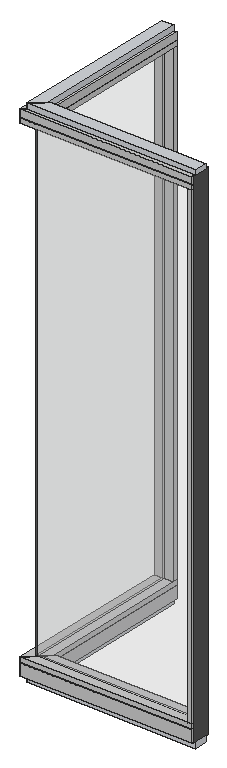
Revit family "Haworth_Enclose_Wall_GlassCorner", category Furniture Systems, Revit 2018
Family settings
  Round Connector Dimension = Use Diameter
  Part Type = Normal
  OmniClass Number = 23.25.40.14
  OmniClass Title = Demountable Partitions
  Work Plane-Based = No
  Always vertical = Yes
  Cut with Voids When Loaded = No
  Shared = Yes
  Room Calculation Point = No
Parameters (values of type "36" x 108"_90 Degree")
  Width 1 = 36"
  Warranty = "http://www.haworth.com/resources/product-info/warranties"
  URL - Product = "http://www.haworth.com/products/architectural-interiors/moveable-walls/enclose"
  Type Comments = ""
  Sustainability Info = "http://www.haworth.com/company-info/sustainablility"
  Model = "Haworth Enclose"  # constant formula
  Material Options = "http://surfaces.haworth.com/haworth-surface-collection"
  Width 2 = 36"
  Vertical Frame Width = 0.875"  # constant formula
  URL = "www.haworth.com"
  Size = "Verify Final Dim. w/ Haworth"  # constant formula
  Revision Number = "3"  # constant formula
  Panel Width = Actual Width 2 - (2 * Vertical Frame Width) - (2 * End of Run Width)  # 33.94"
  Panel Height = Actual Height - Horizontal Bottom Adjuster Width - (2 * Horizontal Frame Width) - Horizontal Top Adjuster Width  # 99.755"
  Panel Depth = 0.4"  # constant formula
  Min/Max Width = "8-60 in."  # constant formula
  Min/Max Height = "84-144 in."  # constant formula
  Horizontal Top Trim Width = 1.43"  # constant formula
  Horizontal Top Adjuster Width = Cap Height + Horizontal Top Trim Width + 0.195"  # 2.625"
  Horizontal Bottom Adjuster Width = Base Height + Horizontal Bottom Trim Width + 0.195"  # 3.87"
  Glazing Connector_90 = and(Glazing Connector, [90 Degree])  # no
  Glazing Connector_135 = and(Glazing Connector, [135 Degree])  # no
  Glazing Connector = no
  Glass Offset = Horizontal Bottom Adjuster Width + Horizontal Frame Width  # 4.745"
  Glass Finish = Haworth _ Glass _ Clear
  Frame Finish = Haworth _ Metal _ Brushed Aluminum
  End of Run Finish = Haworth _ Polymer _ Black
  Description = "Wall - Glass Corner"  # constant formula
  Cut Angle = Angle / 2  # 45.00°
  Ceiling Mount = yes
  Min. Width = 8"  # constant formula
  Max. Width = 60"  # constant formula
  Min. Height = 84"  # constant formula
  Max. Height = 144"  # constant formula
  Manufacturer = "Haworth"  # constant formula
  Horizontal Frame Width = 0.875"  # constant formula
  Horizontal Bottom Trim Width = 2.425"  # constant formula
  Height = 108"
  End of Run Width = 0.155"  # constant formula
  Frame Depth = 4"  # constant formula
  End of Run Right Width [instance] = if(End of Run Right, 1.845", End of Run Width)  # 0.155"
  End of Run Right [instance] = no
  End of Run Left Width [instance] = if(End of Run Left, 1.845", End of Run Width)  # 0.155"
  End of Run Left [instance] = no
  Cap Height = 1"  # constant formula
  Base Height = 1.25"  # constant formula
  Author = "SHAPE Environments, LLC"  # constant formula
  Assembly Code = "C1010200"
  Angle = if([90 Degree], 90.00°, 135.00°)  # 90.00°
  Actual Width 1 = if(Width 1 < Min. Width, Min. Width, if(Width 1 > Max. Width, Max. Width, Width 1))  # 36"
  Actual Width 2 = if(Width 2 < Min. Width, Min. Width, if(Width 2 > Max. Width, Max. Width, Width 2))  # 36"
  Actual Height = if(Height < Min. Height, Min. Height, if(Height > Max. Height, Max. Height, Height))  # 108"
  90 Degree = yes
  135 Degree = not([90 Degree])  # no
Types (14): name | Width 1 | Width 2 | Panel Width | Cut Angle | Angle | Actual Width 1 | Actual Width 2 | 90 Degree | 135 Degree
  36" x 108"_90 Degree | 36" | 36" | 33.94" | 45.00° | 90.00° | 36" | 36" | yes | no
  36" x 108"_135 Degree | 36" | 36" | 33.94" | 67.50° | 135.00° | 36" | 36" | no | yes
  24" x 108"_90 Degree | 24" | 24" | 21.94" | 45.00° | 90.00° | 24" | 24" | yes | no
  30" x 108"_90 Degree | 30" | 30" | 27.94" | 45.00° | 90.00° | 30" | 30" | yes | no
  42" x 108"_90 Degree | 42" | 42" | 39.94" | 45.00° | 90.00° | 42" | 42" | yes | no
  48" x 108"_90 Degree | 48" | 48" | 45.94" | 45.00° | 90.00° | 48" | 48" | yes | no
  54" x 108"_90 Degree | 54" | 54" | 51.94" | 45.00° | 90.00° | 54" | 54" | yes | no
  60" x 108"_90 Degree | 60" | 60" | 57.94" | 45.00° | 90.00° | 60" | 60" | yes | no
  24" x 108"_135 Degree | 24" | 24" | 21.94" | 67.50° | 135.00° | 24" | 24" | no | yes
  30" x 108"_135 Degree | 30" | 30" | 27.94" | 67.50° | 135.00° | 30" | 30" | no | yes
  42" x 108"_135 Degree | 42" | 42" | 39.94" | 67.50° | 135.00° | 42" | 42" | no | yes
  48" x 108"_135 Degree | 48" | 48" | 45.94" | 67.50° | 135.00° | 48" | 48" | no | yes
  54" x 108"_135 Degree | 54" | 54" | 51.94" | 67.50° | 135.00° | 54" | 54" | no | yes
  60" x 108"_135 Degree | 60" | 60" | 57.94" | 67.50° | 135.00° | 60" | 60" | no | yes
Reference planes (in)
  plane 1 "Center F/B": y = -0.17786
  plane 2: z = 0
  plane 3 "Center L/R": x = -2.36364
  plane 4 "Left": x = -20.36364
  plane 5 "Right": x = 15.63636
  plane 6 "Top": z = 108
  plane 7 "Back": y = 1.82214
  plane 8 "Front": y = -2.17786
  plane 9 "Void 3": x = -2.36364
  plane 10 "Void 1": x = -2.36364
  plane 11 "Right Frame Outside": x = 15.48136
  plane 12 "Right Frame Inside": x = 14.60636
  plane 13 "End of Run Right": x = 15.63636
  plane 14 "Void 2": x = -2.36364
  plane 15 "Top Frame Outside": z = 105.375
  plane 16 "Top Trim Outside": z = 107
  plane 17 "Top Frame Inside": z = 104.5
  plane 18 "Bottom Frame Outside": z = 3.87
  plane 19 "Bottom Adjuster": z = 1.25
  plane 20 "Bottom Frame Inside": z = 4.745
Dimensions and locks (in)
  equal spacing: plane 4 "Left", plane 3 "Center L/R", plane 5 "Right"
  "Actual Width 1": plane 4 "Left" to plane 5 "Right"
  "End of Run Width": plane 11 "Right Frame Outside" to plane 5 "Right"
  "End of Run Right Width": plane 11 "Right Frame Outside" to plane 13 "End of Run Right"
  "Vertical Frame Width": plane 12 "Right Frame Inside" to plane 11 "Right Frame Outside"
  equal spacing: plane 7 "Back", plane 1 "Center F/B", plane 8 "Front"
  "Frame Depth": plane 7 "Back" to plane 8 "Front"
  "Actual Height": plane 6 "Top" to level
  "Cap Height": plane 6 "Top" to plane 16 "Top Trim Outside"
  "Horizontal Frame Width": plane 15 "Top Frame Outside" to plane 17 "Top Frame Inside"
  "Base Height": plane 19 "Bottom Adjuster" to level
  "Horizontal Frame Width": plane 20 "Bottom Frame Inside" to plane 18 "Bottom Frame Outside"
  "Horizontal Bottom Adjuster Width": plane 18 "Bottom Frame Outside" to plane 2
  "Horizontal Top Adjuster Width": plane 6 "Top" to plane 15 "Top Frame Outside"
  locked: nested 2 to plane 4 "Left"
  "Angle": angle plane 8 "Front" to nested 2
  aligned and locked: plane 1 "Center F/B" to nested 1
  aligned and locked: plane 3 "Center L/R" to nested 1
  aligned and locked: plane 3 "Center L/R" to plane 10 "Void 1"
  aligned and locked: plane 3 "Center L/R" to plane 14 "Void 2"
  aligned and locked: plane 3 "Center L/R" to plane 9 "Void 3"
Nested families (in)
  nested 1: "Glass_Corner_Panel" at (0, 0, 0), Actual Width <- "Actual Width 1", End of Run <- "End of Run Right", type "36" x 108""
    with Panel Width 33.17", End of Run Right Width 0.155", End of Run no, Actual Width 36"
  nested 2: "Glass_Corner_Panel" at (-18.18578, 18.18578, 0) x (0, 1, 0) z (0, 0, 1), Actual Width <- "Actual Width 2", End of Run <- "End of Run Left", type "36" x 108""
    with Panel Width 33.17", End of Run Right Width 0.155", End of Run no, Actual Width 36"
Definition of nested family "Glass_Corner_Panel"
  Parameters
    URL - Product = ""
    Material Options = ""
    Warranty = ""
    Vertical Frame Width = 0.875"  # constant formula
    URL = ""
    Top Offset = 1.2185"  # constant formula
    LEED Data = ""
    Sustainability Info = ""
    Size = ""
    Revision Number = "1"  # constant formula
    Panel Width [instance] = if(and(Glazing Connector_90, Cut Angle = 45.00°), Actual Width - (Vertical Frame Width) - (End of Run Width) - 1.8" - 0.4", if(Cut Angle = 45.00°, Actual Width - (Vertical Frame Width) - (End of Run Width) - 1.8", if(Glazing Connector_135, Actual Width - (Vertical Frame Width) - (End of Run Width) - 1.75" + 1" - 0.4", Actual Width - (Vertical Frame Width) - (End of Run Width) - 1.75" + 1")))  # 33.17"
    Panel Height = Actual Height - Horizontal Bottom Adjuster Width - (2 * Horizontal Frame Width) - Horizontal Top Adjuster Width  # 99.755"
    Panel Depth = 0.4"  # constant formula
    OmniClass Number = "23.25.40.14"  # constant formula
    Min/Max Width = ""
    Min/Max Height = ""
    Horizontal Top Trim Width = 1.43"  # constant formula
    Horizontal Top Adjuster Width = Cap Height + Horizontal Top Trim Width + 0.195"  # 2.625"
    Horizontal Bottom Adjuster Width = Base Height + Horizontal Bottom Trim Width + 0.195"  # 3.87"
    Glazing Connector_90 = no
    Glazing Connector_135 = no
    Glass Offset = Horizontal Bottom Adjuster Width + Horizontal Frame Width  # 4.745"
    Cut Angle = 45.00°
    Ceiling Mount = yes
    Bottom Offset = 2.795"  # constant formula
    Min. Width = 8"  # constant formula
    Max. Width = 60"  # constant formula
    Min. Height = 84"  # constant formula
    Max. Height = 144"  # constant formula
    Manufacturer = "Haworth"  # constant formula
    Horizontal Frame Width = 0.875"  # constant formula
    Horizontal Bottom Trim Width = 2.425"  # constant formula
    End of Run Width = 0.155"  # constant formula
    Frame Depth = 4"  # constant formula
    End of Run Right Width [instance] = if(End of Run, 1.845", End of Run Width)  # 0.155"
    End of Run [instance] = no
    Cap Height = 1"  # constant formula
    Base Height = 1.25"  # constant formula
    Author = "SHAPE Environments, LLC"  # constant formula
    Assembly Code = ""
    Actual Width [instance] = 36"
    Actual Height = 108"
    Frame Finish = none
    Glass Finish = none
    End of Run Finish = none
  Reference planes (in)
    plane 1 "Center F/B": y = -0.17786
    plane 2: z = 0
    plane 3 "Center L/R": x = -2.36364
    plane 4 "Void End": x = -20.61364
    plane 5 "Right": x = 15.63636
    plane 6 "Top": z = 108
    plane 7 "Back": y = 1.82214
    plane 8 "Front": y = -2.17786
    plane 9 "Corner": x = -20.36364
    plane 10 "Glass Corner": x = -18.56364
    plane 11 "Right Frame Outside": x = 15.48136
    plane 12 "Right Frame Inside": x = 14.60636
    plane 13 "End of Run Right": x = 15.63636
    plane 14 "Void 1": x = -2.36364
    plane 15 "Top Frame Outside": z = 105.375
    plane 16 "Top Trim Outside": z = 107
    plane 17 "Top Frame Inside": z = 104.5
    plane 18 "Bottom Frame Outside": z = 3.87
    plane 19 "Bottom Adjuster": z = 1.25
    plane 20 "Bottom Frame Inside": z = 4.745
  Forms (in)
    Sweep 1, solid, material <- "End of Run Finish"
      path origin (0, -0.17786, 0) x (1, 0, 0) y (0, 0, 1)
        loop
          line (15.48136, 107) -> (15.48136, 1.25)
      profile "Haworth_Enclose - Postcap : Right" origin (15.48136, -0.17786, 54.125) x (1, 0, 0) y (0, -1, 0)
        loop
          line (0, 1.805) -> (0, -1.805) -> (0.155, -1.805) -> (0.155, 1.805) -> (0, 1.805)
    Sweep 2, solid, material <- "Frame Finish"
      path origin (0, -0.17786, 0) x (1, 0, 0) y (0, 0, 1)
        loop
          line (15.48136, 104.5) -> (15.48136, 4.745)
      profile "Haworth_Enclose - Vertical_Frame : Vertical" origin (15.48136, -0.17786, 54.6225) x (1, 0, 0) y (0, -1, 0)
        loop
          line (0, 2) -> (-0.875, 2) -> (-0.875, -2) -> (0, -2) -> (0, 2)
    Sweep 3, solid, material <- "Frame Finish"
      path origin (0, -0.17786, 0) x (1, 0, 0) y (0, 0, 1)
        loop
          line (15.48136, 104.5) -> (-20.36364, 104.5)
      profile "Haworth_Enclose - Horizontal_Frame : Horizontal" origin (-2.44114, -0.17786, 104.5) x (0, 0, -1) y (0, -1, 0)
        loop
          line (0, -2) -> (0, 2) -> (-0.875, 2) -> (-0.875, -2) -> (0, -2)
    Sweep 4, solid, material <- "Frame Finish"
      path origin (0, -0.17786, 0) x (1, 0, 0) y (0, 0, 1)
        loop
          line (-20.36364, 107) -> (15.48136, 107)
      profile "Haworth_Enclose - Horizontal_Trim : Top" origin (-2.44114, -0.17786, 107) x (0, 0, 1) y (0, -1, 0)
        loop
          line (0, -2) -> (0, 2) -> (-1.43, 2) -> (-1.43, 1.805) -> (-1.625, 1.805) -> (-1.625, -1.805) -> (-1.43, -1.805) -> (-1.43, -2) -> (0, -2)
    Sweep 5, solid, visible <- "Ceiling Mount"
      path origin (0, -0.17786, 0) x (1, 0, 0) y (0, 0, 1)
        loop
          line (-20.36364, 108) -> (15.63636, 108)
      profile "Haworth_Enclose - Horizontal_Track : Ceiling" origin (-2.36364, -0.17786, 108) x (0, 0, 1) y (0, -1, 0)
        loop
          line (0, -1.28) -> (0, 1.28) -> (-1, 1.28) -> (-1, -1.28) -> (0, -1.28)
    Sweep 6, solid
      path origin (0, -0.17786, 0) x (1, 0, 0) y (0, 0, 1)
        loop
          line (15.63636, 0) -> (-20.36364, 0)
      profile "Haworth_Enclose - Horizontal_Track : Base" origin (-2.36364, -0.17786, 0) x (0, 0, -1) y (0, -1, 0)
        loop
          line (0, -1.28) -> (0, 1.28) -> (-1.25, 1.28) -> (-1.25, -1.28) -> (0, -1.28)
    Sweep 7, solid, material <- "Frame Finish"
      path origin (0, -0.17786, 0) x (1, 0, 0) y (0, 0, 1)
        loop
          line (-20.36364, 4.745) -> (15.48136, 4.745)
      profile "Haworth_Enclose - Horizontal_Frame : Horizontal" origin (-2.44114, -0.17786, 4.745) x (0, 0, 1) y (0, -1, 0)
        loop
          line (0, -2) -> (0, 2) -> (-0.875, 2) -> (-0.875, -2) -> (0, -2)
    Sweep 8, solid, material <- "Frame Finish"
      path origin (0, -0.17786, 0) x (1, 0, 0) y (0, 0, 1)
        loop
          line (15.48136, 1.25) -> (-20.36364, 1.25)
      profile "Haworth_Enclose - Horizontal_Trim : Bottom" origin (-2.44114, -0.17786, 1.25) x (0, 0, -1) y (0, -1, 0)
        loop
          line (0, -2) -> (0, 2) -> (-2.425, 2) -> (-2.425, 1.805) -> (-2.62, 1.805) -> (-2.62, -1.805) -> (-2.425, -1.805) -> (-2.425, -2) -> (0, -2)
    Extrusion 9, void
      sketch origin (0, 0, 0) x (1, 0, 0) y (0, 1, 0)
        loop
          line (-20.61364, 1.82214) -> (-20.61364, -2.17786) -> (-20.36364, -2.17786) -> (-16.36364, 1.82214) -> (-20.61364, 1.82214)
      from 0 to 108
    Extrusion 10, solid, material <- "Frame Finish", visible <- "Glazing Connector_90"
      sketch origin (0, 0, 0) x (1, 0, 0) y (0, 1, 0)
        loop
          line (-18.56364, -0.37786) -> (-18.16364, -0.37786) -> (-18.16364, 0.02214) -> (-18.56364, -0.37786)
      from 4.745 to 104.5
    Extrusion 11, solid, material <- "Frame Finish", visible <- "Glazing Connector_135"
      sketch origin (-0.65, 0, 0) x (1, 0, 0) y (0, 1, 0)
        loop
          line (-18.56364, 0.02214) -> (-18.80236, 0.02214) -> (-18.96804, -0.37786) -> (-18.56364, -0.37786) -> (-18.56364, 0.02214)
      from 4.745 to 104.5
  Cuts and joins
    Extrusion 9 cuts Sweep 6
    Extrusion 9 cuts Sweep 7
    Extrusion 9 cuts Sweep 8
    Extrusion 9 cuts Sweep 5
    Extrusion 9 cuts Sweep 4
    Extrusion 9 cuts Sweep 3
  Lines and regions (in)
    Masking region 1
      outline origin (0, 4.375, 0) x (1, 0, 0) y (0, 1, 0)
        loop
          line (-16.36364, -2.55286) -> (-20.36364, -6.55286) -> (15.63636, -6.55286) -> (15.63636, -2.55286) -> (-16.36364, -2.55286)
    symbolic lines, detail levels medium+fine
      curve 1: line (14.60636, 1.82214, 0) -> (14.60636, -2.17786, 0)
      curve 2: line (14.60636, -0.37786, 0) -> (-18.56364, -0.37786, 0)
      curve 3: line (14.60636, 0.02214, 0) -> (-18.16364, 0.02214, 0)
      curve 5: line (-18.56364, -0.37786, 0) -> (-18.16364, 0.02214, 0)
    reference lines
      curve 4: line (-20.36364, -2.17786, 0) -> (-16.121, 2.06478, 0)
    symbolic lines
      curve 6: line (15.63636, 1.82214, 0) -> (-4.36364, 1.82214, 0)
      curve 7: line (-20.36364, -2.17786, 0) -> (15.63636, -2.17786, 0)
      curve 8: line (15.63636, -2.17786, 0) -> (15.63636, 1.82214, 0)
    symbolic lines, visible <- "Glazing Connector_135"
      curve 9: line (-19.21364, 0.02214, 0) -> (-19.21364, -0.37786, 0)
      curve 10: line (-19.21364, -0.37786, 0) -> (-19.61804, -0.37786, 0)
    symbolic lines, visible <- "Glazing Connector_90"
      curve 11: line (-18.16364, 0.02214, 0) -> (-18.16364, -0.37786, 0)
      curve 12: line (-18.56364, -0.37786, 0) -> (-18.16364, -0.37786, 0)
  Dimensions and locks (in)
    equal spacing: plane 9 "Corner", plane 3 "Center L/R", plane 5 "Right"
    "Actual Width": plane 9 "Corner" to plane 5 "Right"
    "End of Run Width": plane 11 "Right Frame Outside" to plane 5 "Right"
    "End of Run Right Width": plane 11 "Right Frame Outside" to plane 13 "End of Run Right"
    "Vertical Frame Width": plane 12 "Right Frame Inside" to plane 11 "Right Frame Outside"
    equal spacing: plane 7 "Back", plane 1 "Center F/B", plane 8 "Front"
    "Frame Depth": plane 7 "Back" to plane 8 "Front"
    "Actual Height": plane 6 "Top" to level
    "Cap Height": plane 6 "Top" to plane 16 "Top Trim Outside"
    "Horizontal Frame Width": plane 15 "Top Frame Outside" to plane 17 "Top Frame Inside"
    "Base Height": plane 19 "Bottom Adjuster" to level
    "Horizontal Frame Width": plane 20 "Bottom Frame Inside" to plane 18 "Bottom Frame Outside"
    "Horizontal Bottom Adjuster Width": plane 18 "Bottom Frame Outside" to plane 2
    "Horizontal Top Adjuster Width": plane 6 "Top" to plane 15 "Top Frame Outside"
    locked: plane 9 "Corner" to plane 10 "Glass Corner" at 1.8
    locked: plane 4 "Void End" to plane 9 "Corner" at 0.25
    locked: Extrusion 11 to plane 10 "Glass Corner" at 0.65
    "Cut Angle": angle plane 8 "Front" to curve 4
    aligned and locked: Sweep 1 sketch curve to plane 11 "Right Frame Outside"
    aligned and locked: Sweep 2 sketch curve to plane 11 "Right Frame Outside"
    aligned and locked: plane 20 "Bottom Frame Inside" to Sweep 2 sketch curve
    aligned and locked: plane 17 "Top Frame Inside" to Sweep 2 sketch curve
    aligned: plane 3 "Center L/R" to nested 1
    aligned and locked: plane 1 "Center F/B" to nested 1
    aligned and locked: nested 1 to plane 20 "Bottom Frame Inside"
    aligned and locked: curve 1 to Sweep 2
    aligned and locked: curve 2 to nested 1
    aligned and locked: curve 3 to nested 1
    aligned and locked: plane 17 "Top Frame Inside" to Sweep 3 sketch curve
    aligned and locked: plane 9 "Corner" to Sweep 3 sketch curve
    aligned and locked: plane 11 "Right Frame Outside" to Sweep 3 sketch curve
    aligned and locked: Sweep 4 sketch curve to plane 16 "Top Trim Outside"
    aligned and locked: plane 11 "Right Frame Outside" to Sweep 4 sketch curve
    aligned and locked: plane 9 "Corner" to Sweep 4 sketch curve
    aligned and locked: Sweep 5 sketch curve to plane 6 "Top"
    aligned and locked: plane 13 "End of Run Right" to Sweep 5 sketch curve
    aligned and locked: level to Sweep 6 sketch curve
    aligned and locked: plane 13 "End of Run Right" to Sweep 6 sketch curve
    aligned and locked: Sweep 7 sketch curve to plane 20 "Bottom Frame Inside"
    aligned and locked: plane 11 "Right Frame Outside" to Sweep 7 sketch curve
    aligned and locked: plane 9 "Corner" to Sweep 7 sketch curve
    aligned and locked: plane 19 "Bottom Adjuster" to Sweep 8 sketch curve
    aligned and locked: plane 9 "Corner" to Sweep 8 sketch curve
    aligned and locked: plane 11 "Right Frame Outside" to Sweep 8 sketch curve
    aligned and locked: plane 9 "Corner" to Sweep 5 sketch curve
    aligned and locked: plane 9 "Corner" to Sweep 6 sketch curve
    aligned and locked: plane 12 "Right Frame Inside" to nested 1
    aligned and locked: curve 4 to curve 3
    aligned and locked: plane 8 "Front" to Masking region 1 sketch curve
    aligned and locked: Masking region 1 sketch curve to plane 7 "Back"
    aligned and locked: Masking region 1 sketch curve to curve 4
    aligned and locked: Masking region 1 sketch curve to plane 13 "End of Run Right"
    aligned and locked: Extrusion 9 sketch curve to plane 8 "Front"
    aligned and locked: Extrusion 9 sketch curve to curve 4
    aligned and locked: plane 7 "Back" to Extrusion 9 sketch curve
    aligned and locked: Extrusion 9 sketch curve to plane 4 "Void End"
    aligned and locked: plane 3 "Center L/R" to plane 14 "Void 1"
    aligned and locked: plane 6 "Top" to Extrusion 9
    aligned and locked: curve 4 to curve 5
    aligned and locked: nested 1 to curve 5  (x2)
    aligned and locked: curve 6 to Masking region 1
    aligned and locked: curve 7 to Masking region 1
    aligned and locked: curve 8 to Masking region 1
    aligned and locked: plane 16 "Top Trim Outside" to Sweep 1 sketch curve
    aligned and locked: plane 19 "Bottom Adjuster" to Sweep 1 sketch curve
    aligned and locked: Extrusion 10 to plane 20 "Bottom Frame Inside"
    aligned and locked: plane 17 "Top Frame Inside" to Extrusion 10
    aligned and locked: Extrusion 11 to plane 20 "Bottom Frame Inside"
    aligned and locked: plane 17 "Top Frame Inside" to Extrusion 11
  Automatic sketch dimensions
    curve 4 to plane 8 "Front" = 0"
    curve 4 to plane 9 "Corner" = 0"
    Extrusion 10 sketch curve to plane 10 "Glass Corner" = 0"
    Extrusion 10 sketch curve to Extrusion 10 sketch curve = 0.4"
    plane 1 "Center F/B" to Extrusion 10 sketch curve = 0.2"
    Extrusion 10 sketch curve to plane 1 "Center F/B" = 0.2"
    Extrusion 11 sketch curve to plane 10 "Glass Corner" = 0.65"
    Extrusion 11 sketch curve to Extrusion 11 sketch curve = 0.23871"
    plane 1 "Center F/B" to Extrusion 11 sketch curve = 0.2"
    Extrusion 11 sketch curve to plane 1 "Center F/B" = 0.2"
    Extrusion 11 sketch curve to Extrusion 11 sketch curve = 0.4044"
    curve 7 to plane 9 "Corner" = 0"
    plane 1 "Center F/B" to curve 10 = 0.2"
    plane 9 "Corner" to curve 10 = 0.7456"
    curve 10 to curve 10 = 0.4044"
    curve 6 to plane 3 "Center L/R" = 2"
    curve 9 to plane 1 "Center F/B" = 0.2"
  Nested families (in)
    nested 1: "Haworth_Enclose - Panel_Glass" at (-3.15885, -0.14763, 4.745), type "Haworth_Enclose - Panel_Glass"
      with Panel Width 33.17", Panel Height 99.755", Panel Depth 0.4"
  Definition of nested family "Haworth_Enclose - Panel_Glass"
    Parameters
      Panel Width = 36"
      Panel Height = 108"
      Panel Finish = none
      Panel Depth = 0.5"
    Reference planes (in)
      plane 1 "Center F/B": y = -0.03024
      plane 2: z = 0
      plane 3 "Center L/R": x = 1.1802
      plane 4 "Left": x = -16.8198
      plane 5 "Right": x = 19.1802
      plane 6 "Back": y = 0.21976
      plane 7 "Front": y = -0.28024
      plane 8 "Top": z = 108
    Forms (in)
      Extrusion 1, solid, material <- "Panel Finish"
        sketch origin (0, -0.03024, 0) x (1, 0, 0) y (0, 0, 1)
          loop
            line (-16.8198, 108) -> (-16.8198, 0) -> (19.1802, 0) -> (19.1802, 108) -> (-16.8198, 108)
        from -0.25 to 0.25
    Dimensions and locks (in)
      "Panel Height": plane 8 "Top" to level
      equal spacing: plane 6 "Back", plane 1 "Center F/B", plane 7 "Front"
      "Panel Depth": plane 6 "Back" to plane 7 "Front"
      equal spacing: plane 4 "Left", plane 3 "Center L/R", plane 5 "Right"
      "Panel Width": plane 4 "Left" to plane 5 "Right"
      aligned and locked: plane 4 "Left" to Extrusion 1 sketch curve
      aligned and locked: Extrusion 1 sketch curve to plane 8 "Top"
      aligned and locked: level to Extrusion 1 sketch curve
      aligned and locked: Extrusion 1 sketch curve to plane 5 "Right"
      aligned and locked: plane 6 "Back" to Extrusion 1
      aligned and locked: Extrusion 1 to plane 7 "Front"
